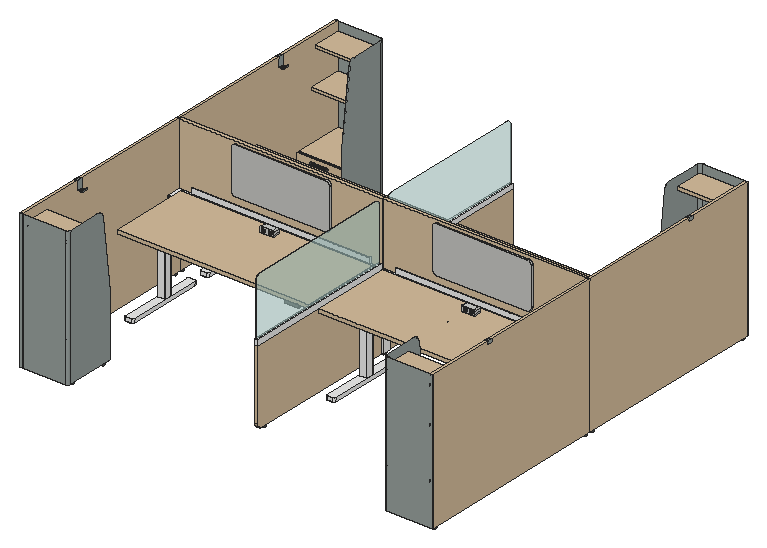
Revit family "Layout-Teknion-Expansion_Cityline_Height_Adjustable_Workstation_09-R2021", category Furniture Systems, Revit 2021 (continued)
Definition of nested family "Desk_Structure-Teknion-JZSBB_EZ_Fence_Beam-R2021"
  Forms (in)
    Sweep 9, void
      profile origin (43.65748, 0.20691, 0) x (1, 0, 0) y (0, 0, 1)
        loop
          arc (-5.19882, 26.97441) -> (-5.28234, 26.93982) -> (-5.31693, 26.8563) r 0.11811
          line (-5.31693, 26.8563) -> (-5.31693, 25.26181)
          arc (-5.31693, 25.26181) -> (-5.28234, 25.17829) -> (-5.19882, 25.1437) r 0.11811
          line (-5.19882, 25.1437) -> (-2.50197, 25.1437)
          arc (-2.50197, 25.1437) -> (-2.41845, 25.17829) -> (-2.38386, 25.26181) r 0.11811
          line (-2.38386, 25.26181) -> (-2.38386, 26.8563)
          arc (-2.38386, 26.8563) -> (-2.41845, 26.93982) -> (-2.50197, 26.97441) r 0.11811
          line (-2.50197, 26.97441) -> (-5.19882, 26.97441)
        loop
          line (5.19882, 26.97441) -> (2.50197, 26.97441)
          arc (2.50197, 26.97441) -> (2.41845, 26.93982) -> (2.38386, 26.8563) r 0.11811
          line (2.38386, 26.8563) -> (2.38386, 25.26181)
          arc (2.38386, 25.26181) -> (2.41845, 25.17829) -> (2.50197, 25.1437) r 0.11811
          line (2.50197, 25.1437) -> (5.19882, 25.1437)
          arc (5.19882, 25.1437) -> (5.28234, 25.17829) -> (5.31693, 25.26181) r 0.11811
          line (5.31693, 25.26181) -> (5.31693, 26.8563)
          arc (5.31693, 26.8563) -> (5.28234, 26.93982) -> (5.19882, 26.97441) r 0.11811
    Sweep 10, void
      path origin (0, 0, 0) x (1, 0, 0) y (0, 1, 0)
        loop
          line (85.73598, -1.69309) -> (85.73598, -1.79309)
      profile origin (85.73598, -1.74309, 0) x (1, 0, 0) y (0, 0, 1)
        loop
          arc (-16.51551, 27.14173) -> (-16.59902, 27.10714) -> (-16.63362, 27.02362) r 0.11811
          line (-16.63362, 27.02362) -> (-16.63362, 25.13386)
          arc (-16.63362, 25.13386) -> (-16.59902, 25.05034) -> (-16.51551, 25.01575) r 0.11811
          line (-16.51551, 25.01575) -> (-13.32653, 25.01575)
          arc (-13.32653, 25.01575) -> (-13.24301, 25.05034) -> (-13.20842, 25.13386) r 0.11811
          line (-13.20842, 25.13386) -> (-13.20842, 27.02362)
          arc (-13.20842, 27.02362) -> (-13.24301, 27.10714) -> (-13.32653, 27.14173) r 0.11811
          line (-13.32653, 27.14173) -> (-16.51551, 27.14173)
    Sweep 11, void
      path origin (0, 0, 0) x (1, 0, 0) y (0, 1, 0)
        loop
          line (85.73598, 2.20691) -> (85.73598, -1.79309)
      profile origin (85.73598, 0.20691, 0) x (1, 0, 0) y (0, 0, 1)
        loop
          arc (-12.41905, 26.97441) -> (-12.50257, 26.93982) -> (-12.53716, 26.8563) r 0.11811
          line (-12.53716, 26.8563) -> (-12.53716, 25.26181)
          arc (-12.53716, 25.26181) -> (-12.50257, 25.17829) -> (-12.41905, 25.1437) r 0.11811
          line (-12.41905, 25.1437) -> (-9.7222, 25.1437)
          arc (-9.7222, 25.1437) -> (-9.63868, 25.17829) -> (-9.60409, 25.26181) r 0.11811
          line (-9.60409, 25.26181) -> (-9.60409, 26.8563)
          arc (-9.60409, 26.8563) -> (-9.63868, 26.93982) -> (-9.7222, 26.97441) r 0.11811
          line (-9.7222, 26.97441) -> (-12.41905, 26.97441)
        loop
          arc (-20.11984, 26.97441) -> (-20.20336, 26.93982) -> (-20.23795, 26.8563) r 0.11811
          line (-20.23795, 26.8563) -> (-20.23795, 25.26181)
          arc (-20.23795, 25.26181) -> (-20.20336, 25.17829) -> (-20.11984, 25.1437) r 0.11811
          line (-20.11984, 25.1437) -> (-17.42299, 25.1437)
          arc (-17.42299, 25.1437) -> (-17.33947, 25.17829) -> (-17.30488, 25.26181) r 0.11811
          line (-17.30488, 25.26181) -> (-17.30488, 26.8563)
          arc (-17.30488, 26.8563) -> (-17.33947, 26.93982) -> (-17.42299, 26.97441) r 0.11811
          line (-17.42299, 26.97441) -> (-20.11984, 26.97441)
    Sweep 12, void
      path origin (87.31496, 0, 0) x (-1, 0, 0) y (0, 1, 0)
        loop
          line (85.73598, -1.70309) -> (85.73598, -1.79309)
      profile origin (1.57898, -1.74809, 0) x (1, 0, 0) y (0, 0, 1)
        loop
          line (16.51551, 27.14173) -> (13.32653, 27.14173)
          arc (13.32653, 27.14173) -> (13.24301, 27.10714) -> (13.20842, 27.02362) r 0.11811
          line (13.20842, 27.02362) -> (13.20842, 25.13386)
          arc (13.20842, 25.13386) -> (13.24301, 25.05034) -> (13.32653, 25.01575) r 0.11811
          line (13.32653, 25.01575) -> (16.51551, 25.01575)
          arc (16.51551, 25.01575) -> (16.59902, 25.05034) -> (16.63362, 25.13386) r 0.11811
          line (16.63362, 25.13386) -> (16.63362, 27.02362)
          arc (16.63362, 27.02362) -> (16.59902, 27.10714) -> (16.51551, 27.14173) r 0.11811
    Sweep 13, void
      path origin (87.31496, 0, 0) x (-1, 0, 0) y (0, 1, 0)
        loop
          line (85.73598, 2.20691) -> (85.73598, -1.79309)
      profile origin (1.57898, 0.20691, 0) x (1, 0, 0) y (0, 0, 1)
        loop
          line (12.41905, 26.97441) -> (9.7222, 26.97441)
          arc (9.7222, 26.97441) -> (9.63868, 26.93982) -> (9.60409, 26.8563) r 0.11811
          line (9.60409, 26.8563) -> (9.60409, 25.26181)
          arc (9.60409, 25.26181) -> (9.63868, 25.17829) -> (9.7222, 25.1437) r 0.11811
          line (9.7222, 25.1437) -> (12.41905, 25.1437)
          arc (12.41905, 25.1437) -> (12.50257, 25.17829) -> (12.53716, 25.26181) r 0.11811
          line (12.53716, 25.26181) -> (12.53716, 26.8563)
          arc (12.53716, 26.8563) -> (12.50257, 26.93982) -> (12.41905, 26.97441) r 0.11811
        loop
          line (20.11984, 26.97441) -> (17.42299, 26.97441)
          arc (17.42299, 26.97441) -> (17.33947, 26.93982) -> (17.30488, 26.8563) r 0.11811
          line (17.30488, 26.8563) -> (17.30488, 25.26181)
          arc (17.30488, 25.26181) -> (17.33947, 25.17829) -> (17.42299, 25.1437) r 0.11811
          line (17.42299, 25.1437) -> (20.11984, 25.1437)
          arc (20.11984, 25.1437) -> (20.20336, 25.17829) -> (20.23795, 25.26181) r 0.11811
          line (20.23795, 25.26181) -> (20.23795, 26.8563)
          arc (20.23795, 26.8563) -> (20.20336, 26.93982) -> (20.11984, 26.97441) r 0.11811
  Cuts and joins
    Sweep 2, Sweep 3, Sweep 8, Sweep 9, Sweep 10, Sweep 11, Sweep 12, Sweep 13 cuts Sweep 1
  Lines and regions (in)
    Masking region 1
      outline origin (0, 0, 0) x (1, 0, 0) y (0, 1, 0)
        loop
          line (1.57898, 1.69291) -> (1.57898, -1.69291) -> (85.73598, -1.69291) -> (85.73598, 1.69291) -> (1.57898, 1.69291)
    symbolic lines, visible <- "EZ Add-On Screen"
      curve 1: line (9.96457, 0.7874, 0) -> (5.04331, 0.7874, 0)
      curve 2: line (5.04331, 0.7874, 0) -> (5.04331, -0.7874, 0)
      curve 3: line (5.04331, -0.7874, 0) -> (9.96457, -0.7874, 0)
      curve 4: line (9.96457, -0.7874, 0) -> (9.96457, 0.7874, 0)
      curve 5: line (41.19685, 0.7874, 0) -> (41.19685, -0.7874, 0)
      curve 6: line (46.11811, 0.7874, 0) -> (41.19685, 0.7874, 0)
      curve 7: line (41.19685, -0.7874, 0) -> (46.11811, -0.7874, 0)
      curve 8: line (46.11811, -0.7874, 0) -> (46.11811, 0.7874, 0)
      curve 9: line (77.35039, 0.7874, 0) -> (77.35039, -0.7874, 0)
      curve 10: line (82.27165, 0.7874, 0) -> (77.35039, 0.7874, 0)
      curve 11: line (77.35039, -0.7874, 0) -> (82.27165, -0.7874, 0)
      curve 12: line (82.27165, -0.7874, 0) -> (82.27165, 0.7874, 0)
    symbolic lines, visible <- "Lift & Drop Tile"
      curve 13: line (85.73598, 0.27559, 0) -> (1.57898, 0.27559, 0)
      curve 14: line (1.57898, -0.27559, 0) -> (85.73598, -0.27559, 0)
      curve 15: line (1.57898, -0.27559, 0) -> (1.57898, 0.27559, 0)
      curve 16: line (85.73598, 0.27559, 0) -> (85.73598, -0.27559, 0)
    symbolic lines, detail levels medium+fine
      curve 17: line (6.02756, 1.51575, 0) -> (3.17323, 1.51575, 0)
      curve 18: line (3.17323, 1.51575, 0) -> (2.35345, 0.69597, 0)
      curve 19: arc (2.35345, -0.69597, 0) -> (2.64183, 0, 0) -> (2.35345, 0.69597, 0) r 0.98402
      curve 20: line (2.35345, -0.69597, 0) -> (3.17323, -1.51575, 0)
      curve 21: line (3.17323, -1.51575, 0) -> (6.02756, -1.51575, 0)
      curve 22: line (6.02756, -1.51575, 0) -> (6.02756, 1.51575, 0)
      curve 23: line (81.2874, 1.51575, 0) -> (81.2874, -1.51575, 0)
      curve 24: line (84.14173, 1.51575, 0) -> (81.2874, 1.51575, 0)
      curve 25: line (84.96151, 0.69597, 0) -> (84.14173, 1.51575, 0)
      curve 26: arc (84.96151, 0.69597, 0) -> (84.67313, 0, 0) -> (84.96151, -0.69597, 0) r 0.98402
      curve 27: line (84.14173, -1.51575, 0) -> (84.96151, -0.69597, 0)
      curve 28: line (81.2874, -1.51575, 0) -> (84.14173, -1.51575, 0)
      curve 29: line (1.57898, 1.51575, 0) -> (85.73598, 1.51575, 0)
      curve 30: line (1.57898, 1.26575, 0) -> (85.73598, 1.26575, 0)
      curve 31: line (85.73598, -1.51575, 0) -> (1.57898, -1.51575, 0)
      curve 32: line (85.73598, -1.26575, 0) -> (1.57898, -1.26575, 0)
    symbolic lines, detail levels fine
      curve 33: line (85.73598, -1.51575, 0) -> (1.57898, -1.51575, 0)
      curve 34: line (1.57898, 1.51575, 0) -> (85.73598, 1.51575, 0)
      curve 35: line (85.73598, -1.51575, 0) -> (1.57898, -1.51575, 0)
    symbolic lines, visible <- "2D Right Power one sided opening", detail levels medium+fine
      curve 36: line (65.49803, -1.69291, 0) -> (65.49803, -1.51575, 0)
      curve 37: line (68.4311, -1.69291, 0) -> (68.4311, -1.51575, 0)
      curve 38: line (73.19882, -1.69291, 0) -> (73.19882, -1.51575, 0)
      curve 39: line (76.13189, -1.69291, 0) -> (76.13189, -1.51575, 0)
    symbolic lines, visible <- "2D Right Power two sided opening", detail levels medium+fine
      curve 40: line (65.49803, 1.69291, 0) -> (65.49803, 1.51575, 0)
      curve 41: line (68.4311, 1.69291, 0) -> (68.4311, 1.51575, 0)
      curve 42: line (73.19882, 1.69291, 0) -> (73.19882, 1.51575, 0)
      curve 43: line (76.13189, 1.69291, 0) -> (76.13189, 1.51575, 0)
    symbolic lines, visible <- "2D Left Power one sided opening", detail levels medium+fine
      curve 44: line (11.18307, -1.69291, 0) -> (11.18307, -1.51575, 0)
      curve 45: line (14.11614, -1.69291, 0) -> (14.11614, -1.51575, 0)
      curve 46: line (18.88386, -1.69291, 0) -> (18.88386, -1.51575, 0)
      curve 47: line (21.81693, -1.69291, 0) -> (21.81693, -1.51575, 0)
    symbolic lines, visible <- "2D Left Power two sided opening", detail levels medium+fine
      curve 48: line (21.81693, 1.69291, 0) -> (21.81693, 1.51575, 0)
      curve 49: line (18.88386, 1.69291, 0) -> (18.88386, 1.51575, 0)
      curve 50: line (14.11614, 1.69291, 0) -> (14.11614, 1.51575, 0)
      curve 51: line (11.18307, 1.69291, 0) -> (11.18307, 1.51575, 0)
    symbolic lines, visible <- "2D Center Power one sided opening", detail levels medium+fine
      curve 52: line (41.27362, -1.69291, 0) -> (41.27362, -1.51575, 0)
      curve 57: line (46.04134, -1.69291, 0) -> (46.04134, -1.51575, 0)
      curve 58: line (48.97441, -1.69291, 0) -> (48.97441, -1.51575, 0)
      curve 59: line (38.34055, -1.69291, 0) -> (38.34055, -1.51575, 0)
    symbolic lines, visible <- "2D Center Power two sided opening", detail levels medium+fine
      curve 53: line (38.34055, 1.69291, 0) -> (38.34055, 1.51575, 0)
      curve 54: line (41.27362, 1.69291, 0) -> (41.27362, 1.51575, 0)
      curve 55: line (46.04134, 1.69291, 0) -> (46.04134, 1.51575, 0)
      curve 56: line (48.97441, 1.69291, 0) -> (48.97441, 1.51575, 0)
    symbolic lines, visible <- "2D Right Data two sided opening", detail levels medium+fine
      curve 60: line (69.10236, 1.69291, 0) -> (69.10236, 1.51575, 0)
      curve 63: line (72.52756, 1.69291, 0) -> (72.52756, 1.51575, 0)
    symbolic lines, visible <- "2D Right Data one sided opening", detail levels medium+fine
      curve 61: line (69.10236, -1.69291, 0) -> (69.10236, -1.51575, 0)
      curve 62: line (72.52756, -1.69291, 0) -> (72.52756, -1.51575, 0)
    symbolic lines, visible <- "2D Left Data one sided opening", detail levels medium+fine
      curve 64: line (14.7874, -1.69291, 0) -> (14.7874, -1.51575, 0)
      curve 65: line (18.2126, -1.69291, 0) -> (18.2126, -1.51575, 0)
    symbolic lines, visible <- "2D Left Data two sided opening", detail levels medium+fine
      curve 66: line (18.2126, 1.69291, 0) -> (18.2126, 1.51575, 0)
      curve 67: line (14.7874, 1.69291, 0) -> (14.7874, 1.51575, 0)
    symbolic lines, visible <- "2D Center Data two sided opening", detail levels medium+fine
      curve 68: line (41.94488, 1.69291, 0) -> (41.94488, 1.51575, 0)
      curve 69: line (45.37008, 1.69291, 0) -> (45.37008, 1.51575, 0)
    symbolic lines, visible <- "2D Center Data one sided opening", detail levels medium+fine
      curve 70: line (41.94488, -1.69291, 0) -> (41.94488, -1.51575, 0)
      curve 71: line (45.37008, -1.69291, 0) -> (45.37008, -1.51575, 0)
    reference lines
      curve 72: line (1.57898, 1.69291, 0) -> (85.73622, 1.69291, 0)
      curve 73: line (1.57898, -1.69291, 0) -> (1.57898, 1.69291, 0)
      curve 74: line (85.73622, -1.69291, 0) -> (1.57898, -1.69291, 0)
      curve 75: line (85.73622, 1.69291, 0) -> (85.73622, -1.69291, 0)
  Dimensions and locks (in)
    "Actual Width": plane 4 "Left" to plane 5 "Right"
    plane 6 "Back" to plane 7 "Front" = 3.38583"
    plane 8 "Top" to level = 28.18504"
    equal spacing: plane 6 "Back", plane 1 "Center Front/Back", plane 7 "Front"
    equal spacing: plane 4 "Left", plane 3 "Center Left/Right", plane 5 "Right"
    Sweep 1 sketch curve to Sweep 1 sketch curve to Sweep 1 sketch curve to Sweep 1 sketch curve to Sweep 1 sketch curve = 0.17717" locked, 0.250" locked, 2.5315" locked, 0.250" locked
    Sweep 1 sketch curve to Sweep 1 sketch curve to Sweep 1 sketch curve to Sweep 1 sketch curve to Sweep 1 sketch curve to Sweep 1 sketch curve = 0.000" locked, 4.05906" locked, 0.000" locked, 0.25591" locked, 0.55118" locked
    "Lift & Drop Tile Cut-Out": Sweep 2 sketch curve to Sweep 2 sketch curve
    locked: Sweep 2 sketch curve to Sweep 2 sketch curve at 0.3937
    Sweep 2 sketch curve to plane 1 "Center Front/Back" to Sweep 2 sketch curve = 0.27559" locked, 0.27559" locked
    locked: Sweep 2 sketch curve to plane 4 "Left" at 0.84276
    "Screen Cut-Out": Sweep 3 sketch curve to Sweep 3 sketch curve
    locked: Sweep 3 sketch curve to plane 8 "Top" at 0.50787
    plane 4 "Left" to Sweep 3 sketch curve to Sweep 3 sketch curve = 3.46433" locked, 4.92126" locked
    Sweep 3 sketch curve to plane 1 "Center Front/Back" to Sweep 3 sketch curve = 0.7874" locked, 0.7874" locked  (x3)
    Sweep 3 sketch curve to plane 3 "Center Left/Right" to Sweep 3 sketch curve = 2.46063" locked, 2.46063" locked
    Sweep 3 sketch curve to Sweep 3 sketch curve to plane 5 "Right" = 4.92126" locked, 3.46433" locked
    plane 8 "Top" to Sweep 4 sketch curve to Sweep 4 sketch curve = 0.80709" locked, 0.11811" locked
    locked: Sweep 4 sketch curve to plane 4 "Left" at 4.44858
    locked: plane 4 "Left" to Sweep 4 sketch curve at 4.44858
    plane 6 "Back" to Sweep 4 sketch curve to Sweep 4 sketch curve to Sweep 4 sketch curve to Sweep 4 sketch curve = 0.17717" locked, 0.81978" locked, 1.39194" locked, 0.81978" locked
    locked: Sweep 5 sketch curve to Sweep 5 sketch curve at 0.11811
    Sweep 5 sketch curve to Sweep 5 sketch curve to Sweep 5 sketch curve to Sweep 5 sketch curve = 0.81978" locked, 1.39194" locked, 0.81978" locked
    locked: plane 8 "Top" to Sweep 5 sketch curve at 4.27953
    locked: Sweep 5 sketch curve to plane 4 "Left" at 4.44858
    locked: plane 6 "Back" to Sweep 5 sketch curve at 0.17717
    locked: plane 4 "Left" to Sweep 5 sketch curve at 4.44858
    locked: Sweep 6 sketch curve to Sweep 6 sketch curve at 0.11811
    Sweep 6 sketch curve to Sweep 6 sketch curve to Sweep 6 sketch curve to Sweep 6 sketch curve = 0.81978" locked, 1.39194" locked, 0.81978" locked
    locked: Sweep 7 sketch curve to Sweep 7 sketch curve at 0.11811
    Sweep 7 sketch curve to Sweep 7 sketch curve to Sweep 7 sketch curve to Sweep 7 sketch curve = 0.81978" locked, 1.39194" locked, 0.81978" locked
    locked: plane 8 "Top" to Sweep 6 sketch curve at 0.80709
    locked: Sweep 6 sketch curve to plane 5 "Right" at 4.44858  (x2)
    locked: plane 6 "Back" to Sweep 6 sketch curve at 0.17717
    locked: plane 8 "Top" to Sweep 7 sketch curve at 4.27953
    locked: Sweep 7 sketch curve to plane 5 "Right" at 4.44858  (x2)
    locked: plane 6 "Back" to Sweep 7 sketch curve at 0.17717
    "Center Data Opening Cut Out": Sweep 8 sketch curve to Sweep 8 sketch curve
    locked: Sweep 8 sketch curve to plane 7 "Front" at 0.09022
    Sweep 8 sketch curve to plane 3 "Center Left/Right" to Sweep 8 sketch curve = 1.7126" locked, 1.7126" locked
    plane 8 "Top" to Sweep 8 sketch curve to Sweep 8 sketch curve = 1.04331" locked, 2.12598" locked
    "Center Power Opening Cut Out": Sweep 9 sketch curve to Sweep 9 sketch curve
    Sweep 9 sketch curve to plane 7 "Front" = 0.10017"
    Sweep 9 sketch curve to Sweep 9 sketch curve to plane 3 "Center Left/Right" to Sweep 9 sketch curve to Sweep 9 sketch curve = 2.93307" locked, 2.38386" locked, 2.38386" locked, 2.93307" locked
    plane 8 "Top" to Sweep 9 sketch curve to Sweep 9 sketch curve to Sweep 9 sketch curve to Sweep 9 sketch curve = 1.21063" locked, 0.000" locked, 1.83071" locked, 0.000" locked
    locked: Sweep 10 sketch curve to plane 7 "Front" at 0.10017
    "Right Data Opening Cut out": Sweep 10 sketch curve to Sweep 10 sketch curve
    Sweep 10 sketch curve to Sweep 10 sketch curve to plane 5 "Right" = 3.4252" locked, 13.20842" locked
    plane 8 "Top" to Sweep 10 sketch curve to Sweep 10 sketch curve = 1.04331" locked, 2.12598" locked
    "Right Power Opening Cut out": Sweep 11 sketch curve to Sweep 11 sketch curve
    locked: Sweep 11 sketch curve to plane 7 "Front" at 0.10017
    plane 5 "Right" to Sweep 11 sketch curve to Sweep 11 sketch curve to Sweep 11 sketch curve to Sweep 11 sketch curve = 9.60409" locked, 2.93307" locked, 4.76772" locked, 2.93307" locked
    plane 8 "Top" to Sweep 11 sketch curve to Sweep 11 sketch curve to Sweep 11 sketch curve to Sweep 11 sketch curve = 1.21063" locked, 0.000" locked, 1.83071" locked, 0.000" locked
    "Left Data Opening Cut out": Sweep 12 sketch curve to Sweep 12 sketch curve
    locked: Sweep 12 sketch curve to Sweep 12 sketch curve at 3.4252
    locked: Sweep 12 sketch curve to Sweep 12 sketch curve at 2.12598
    "Left Power Opening Cut Out": Sweep 13 sketch curve to Sweep 13 sketch curve
    Sweep 13 sketch curve to Sweep 13 sketch curve to Sweep 13 sketch curve to Sweep 13 sketch curve = 2.93307" locked, 4.76772" locked, 2.93307" locked
    Sweep 13 sketch curve to Sweep 13 sketch curve to Sweep 13 sketch curve to Sweep 13 sketch curve = 0.000" locked, 1.83071" locked, 0.000" locked
    locked: plane 8 "Top" to Sweep 12 sketch curve at 1.04331
    locked: Sweep 12 sketch curve to plane 4 "Left" at 13.20842
    locked: plane 8 "Top" to Sweep 13 sketch curve at 1.21063
    locked: Sweep 13 sketch curve to plane 4 "Left" at 9.60409
    locked: nested 6 to plane 5 "Right" at 14.92
    locked: plane 4 "Left" to nested 7 at 14.92
    locked: nested 2 to plane 5 "Right" at 0.078
    locked: plane 4 "Left" to nested 1 at 0.078
    aligned and locked: level to plane 2
    aligned and locked: Sweep 1 sketch curve to plane 1 "Center Front/Back"
    aligned and locked: plane 4 "Left" to Sweep 1 sketch curve
    aligned and locked: plane 5 "Right" to Sweep 1 sketch curve
    aligned and locked: Sweep 1 sketch curve to plane 8 "Top"
    aligned and locked: Sweep 1 sketch curve to plane 6 "Back"
    aligned and locked: Sweep 1 sketch curve to plane 7 "Front"
    aligned and locked: Sweep 2 sketch curve to plane 1 "Center Front/Back"
    aligned and locked: plane 8 "Top" to Sweep 2 sketch curve
    aligned and locked: plane 3 "Center Left/Right" to Sweep 3 sketch curve
    aligned and locked: plane 3 "Center Left/Right" to Sweep 8 sketch curve
    aligned and locked: Sweep 9 sketch curve to plane 3 "Center Left/Right"
    aligned and locked: plane 5 "Right" to Sweep 10 sketch curve
    aligned and locked: Sweep 11 sketch curve to plane 5 "Right"
    aligned and locked: Masking region 1 sketch curve to cut or joined group of Sweep 1, Sweep 2, Sweep 3, Sweep 8, Sweep 9, Sweep 10, Sweep 11, Sweep 12, Sweep 13  (x2)
    aligned and locked: Masking region 1 sketch curve to plane 4 "Left"
    aligned and locked: Masking region 1 sketch curve to plane 5 "Right"
    aligned and locked: curve 1 to Sweep 3
    aligned and locked: curve 2 to Sweep 3
    aligned and locked: curve 3 to Sweep 3
    aligned and locked: curve 4 to Sweep 3
    aligned and locked: curve 5 to Sweep 3
    aligned and locked: curve 6 to Sweep 3
    aligned and locked: curve 7 to Sweep 3
    aligned and locked: curve 8 to Sweep 3
    aligned and locked: curve 9 to Sweep 3
    aligned and locked: curve 10 to Sweep 3
    aligned and locked: curve 11 to Sweep 3
    aligned and locked: curve 12 to Sweep 3
    aligned and locked: cut or joined group of Sweep 1, Sweep 2, Sweep 3, Sweep 8, Sweep 9, Sweep 10, Sweep 11, Sweep 12, Sweep 13 to curve 13
    aligned and locked: cut or joined group of Sweep 1, Sweep 2, Sweep 3, Sweep 8, Sweep 9, Sweep 10, Sweep 11, Sweep 12, Sweep 13 to curve 14
    aligned and locked: curve 15 to cut or joined group of Sweep 1, Sweep 2, Sweep 3, Sweep 8, Sweep 9, Sweep 10, Sweep 11, Sweep 12, Sweep 13
    aligned and locked: cut or joined group of Sweep 1, Sweep 2, Sweep 3, Sweep 8, Sweep 9, Sweep 10, Sweep 11, Sweep 12, Sweep 13 to curve 16
    aligned and locked: curve 17 to Sweep 4
    aligned and locked: curve 18 to Sweep 4
    aligned and locked: curve 19 to Sweep 4
    aligned and locked: curve 20 to Sweep 4
    aligned and locked: curve 21 to Sweep 4
    aligned and locked: curve 22 to Sweep 4
    aligned and locked: curve 23 to Sweep 6
    aligned and locked: curve 24 to Sweep 6
    aligned and locked: curve 25 to Sweep 6
    aligned and locked: curve 26 to Sweep 6
    aligned and locked: curve 27 to Sweep 6
    aligned and locked: curve 28 to Sweep 6
    aligned and locked: curve 29 to cut or joined group of Sweep 1, Sweep 2, Sweep 3, Sweep 8, Sweep 9, Sweep 10, Sweep 11, Sweep 12, Sweep 13
    aligned and locked: curve 30 to cut or joined group of Sweep 1, Sweep 2, Sweep 3, Sweep 8, Sweep 9, Sweep 10, Sweep 11, Sweep 12, Sweep 13
    aligned and locked: curve 31 to cut or joined group of Sweep 1, Sweep 2, Sweep 3, Sweep 8, Sweep 9, Sweep 10, Sweep 11, Sweep 12, Sweep 13
    aligned and locked: curve 32 to cut or joined group of Sweep 1, Sweep 2, Sweep 3, Sweep 8, Sweep 9, Sweep 10, Sweep 11, Sweep 12, Sweep 13
    aligned and locked: curve 33 to cut or joined group of Sweep 1, Sweep 2, Sweep 3, Sweep 8, Sweep 9, Sweep 10, Sweep 11, Sweep 12, Sweep 13
    aligned and locked: curve 34 to cut or joined group of Sweep 1, Sweep 2, Sweep 3, Sweep 8, Sweep 9, Sweep 10, Sweep 11, Sweep 12, Sweep 13
    aligned and locked: curve 36 to cut or joined group of Sweep 1, Sweep 2, Sweep 3, Sweep 8, Sweep 9, Sweep 10, Sweep 11, Sweep 12, Sweep 13
    aligned and locked: cut or joined group of Sweep 1, Sweep 2, Sweep 3, Sweep 8, Sweep 9, Sweep 10, Sweep 11, Sweep 12, Sweep 13 to curve 37
    aligned and locked: curve 38 to cut or joined group of Sweep 1, Sweep 2, Sweep 3, Sweep 8, Sweep 9, Sweep 10, Sweep 11, Sweep 12, Sweep 13  (x2)
    aligned and locked: cut or joined group of Sweep 1, Sweep 2, Sweep 3, Sweep 8, Sweep 9, Sweep 10, Sweep 11, Sweep 12, Sweep 13 to curve 39  (x2)
    aligned and locked: cut or joined group of Sweep 1, Sweep 2, Sweep 3, Sweep 8, Sweep 9, Sweep 10, Sweep 11, Sweep 12, Sweep 13 to curve 40
    aligned and locked: curve 40 to cut or joined group of Sweep 1, Sweep 2, Sweep 3, Sweep 8, Sweep 9, Sweep 10, Sweep 11, Sweep 12, Sweep 13
    aligned and locked: cut or joined group of Sweep 1, Sweep 2, Sweep 3, Sweep 8, Sweep 9, Sweep 10, Sweep 11, Sweep 12, Sweep 13 to curve 41
    aligned and locked: curve 41 to cut or joined group of Sweep 1, Sweep 2, Sweep 3, Sweep 8, Sweep 9, Sweep 10, Sweep 11, Sweep 12, Sweep 13
    aligned and locked: cut or joined group of Sweep 1, Sweep 2, Sweep 3, Sweep 8, Sweep 9, Sweep 10, Sweep 11, Sweep 12, Sweep 13 to curve 42
    aligned and locked: curve 42 to cut or joined group of Sweep 1, Sweep 2, Sweep 3, Sweep 8, Sweep 9, Sweep 10, Sweep 11, Sweep 12, Sweep 13
    aligned and locked: cut or joined group of Sweep 1, Sweep 2, Sweep 3, Sweep 8, Sweep 9, Sweep 10, Sweep 11, Sweep 12, Sweep 13 to curve 43
    aligned and locked: curve 43 to cut or joined group of Sweep 1, Sweep 2, Sweep 3, Sweep 8, Sweep 9, Sweep 10, Sweep 11, Sweep 12, Sweep 13
    aligned and locked: cut or joined group of Sweep 1, Sweep 2, Sweep 3, Sweep 8, Sweep 9, Sweep 10, Sweep 11, Sweep 12, Sweep 13 to curve 44
    aligned and locked: curve 44 to cut or joined group of Sweep 1, Sweep 2, Sweep 3, Sweep 8, Sweep 9, Sweep 10, Sweep 11, Sweep 12, Sweep 13
    aligned and locked: cut or joined group of Sweep 1, Sweep 2, Sweep 3, Sweep 8, Sweep 9, Sweep 10, Sweep 11, Sweep 12, Sweep 13 to curve 45  (x2)
    aligned and locked: cut or joined group of Sweep 1, Sweep 2, Sweep 3, Sweep 8, Sweep 9, Sweep 10, Sweep 11, Sweep 12, Sweep 13 to curve 46
    aligned and locked: curve 46 to cut or joined group of Sweep 1, Sweep 2, Sweep 3, Sweep 8, Sweep 9, Sweep 10, Sweep 11, Sweep 12, Sweep 13
    aligned and locked: cut or joined group of Sweep 1, Sweep 2, Sweep 3, Sweep 8, Sweep 9, Sweep 10, Sweep 11, Sweep 12, Sweep 13 to curve 47  (x2)
    aligned and locked: curve 48 to cut or joined group of Sweep 1, Sweep 2, Sweep 3, Sweep 8, Sweep 9, Sweep 10, Sweep 11, Sweep 12, Sweep 13  (x2)
    aligned and locked: cut or joined group of Sweep 1, Sweep 2, Sweep 3, Sweep 8, Sweep 9, Sweep 10, Sweep 11, Sweep 12, Sweep 13 to curve 49
    aligned and locked: curve 49 to cut or joined group of Sweep 1, Sweep 2, Sweep 3, Sweep 8, Sweep 9, Sweep 10, Sweep 11, Sweep 12, Sweep 13
    aligned and locked: curve 50 to cut or joined group of Sweep 1, Sweep 2, Sweep 3, Sweep 8, Sweep 9, Sweep 10, Sweep 11, Sweep 12, Sweep 13  (x2)
    aligned and locked: cut or joined group of Sweep 1, Sweep 2, Sweep 3, Sweep 8, Sweep 9, Sweep 10, Sweep 11, Sweep 12, Sweep 13 to curve 51
    aligned and locked: curve 51 to cut or joined group of Sweep 1, Sweep 2, Sweep 3, Sweep 8, Sweep 9, Sweep 10, Sweep 11, Sweep 12, Sweep 13
    aligned and locked: cut or joined group of Sweep 1, Sweep 2, Sweep 3, Sweep 8, Sweep 9, Sweep 10, Sweep 11, Sweep 12, Sweep 13 to curve 52  (x2)
    aligned and locked: cut or joined group of Sweep 1, Sweep 2, Sweep 3, Sweep 8, Sweep 9, Sweep 10, Sweep 11, Sweep 12, Sweep 13 to curve 53
    aligned and locked: curve 53 to cut or joined group of Sweep 1, Sweep 2, Sweep 3, Sweep 8, Sweep 9, Sweep 10, Sweep 11, Sweep 12, Sweep 13
    aligned and locked: cut or joined group of Sweep 1, Sweep 2, Sweep 3, Sweep 8, Sweep 9, Sweep 10, Sweep 11, Sweep 12, Sweep 13 to curve 54
    aligned and locked: curve 54 to cut or joined group of Sweep 1, Sweep 2, Sweep 3, Sweep 8, Sweep 9, Sweep 10, Sweep 11, Sweep 12, Sweep 13
    aligned and locked: cut or joined group of Sweep 1, Sweep 2, Sweep 3, Sweep 8, Sweep 9, Sweep 10, Sweep 11, Sweep 12, Sweep 13 to curve 55
    aligned and locked: curve 55 to cut or joined group of Sweep 1, Sweep 2, Sweep 3, Sweep 8, Sweep 9, Sweep 10, Sweep 11, Sweep 12, Sweep 13
    aligned and locked: curve 56 to cut or joined group of Sweep 1, Sweep 2, Sweep 3, Sweep 8, Sweep 9, Sweep 10, Sweep 11, Sweep 12, Sweep 13  (x2)
    aligned and locked: curve 57 to cut or joined group of Sweep 1, Sweep 2, Sweep 3, Sweep 8, Sweep 9, Sweep 10, Sweep 11, Sweep 12, Sweep 13  (x2)
    aligned and locked: cut or joined group of Sweep 1, Sweep 2, Sweep 3, Sweep 8, Sweep 9, Sweep 10, Sweep 11, Sweep 12, Sweep 13 to curve 58  (x2)
    aligned and locked: curve 59 to cut or joined group of Sweep 1, Sweep 2, Sweep 3, Sweep 8, Sweep 9, Sweep 10, Sweep 11, Sweep 12, Sweep 13  (x2)
    aligned and locked: cut or joined group of Sweep 1, Sweep 2, Sweep 3, Sweep 8, Sweep 9, Sweep 10, Sweep 11, Sweep 12, Sweep 13 to curve 60
    aligned and locked: curve 60 to cut or joined group of Sweep 1, Sweep 2, Sweep 3, Sweep 8, Sweep 9, Sweep 10, Sweep 11, Sweep 12, Sweep 13
    aligned and locked: curve 61 to cut or joined group of Sweep 1, Sweep 2, Sweep 3, Sweep 8, Sweep 9, Sweep 10, Sweep 11, Sweep 12, Sweep 13
    aligned and locked: cut or joined group of Sweep 1, Sweep 2, Sweep 3, Sweep 8, Sweep 9, Sweep 10, Sweep 11, Sweep 12, Sweep 13 to curve 61
    aligned and locked: cut or joined group of Sweep 1, Sweep 2, Sweep 3, Sweep 8, Sweep 9, Sweep 10, Sweep 11, Sweep 12, Sweep 13 to curve 62  (x2)
    aligned and locked: cut or joined group of Sweep 1, Sweep 2, Sweep 3, Sweep 8, Sweep 9, Sweep 10, Sweep 11, Sweep 12, Sweep 13 to curve 63
    aligned and locked: curve 63 to cut or joined group of Sweep 1, Sweep 2, Sweep 3, Sweep 8, Sweep 9, Sweep 10, Sweep 11, Sweep 12, Sweep 13
    aligned and locked: cut or joined group of Sweep 1, Sweep 2, Sweep 3, Sweep 8, Sweep 9, Sweep 10, Sweep 11, Sweep 12, Sweep 13 to curve 64  (x2)
    aligned and locked: cut or joined group of Sweep 1, Sweep 2, Sweep 3, Sweep 8, Sweep 9, Sweep 10, Sweep 11, Sweep 12, Sweep 13 to curve 65  (x2)
    aligned and locked: curve 66 to cut or joined group of Sweep 1, Sweep 2, Sweep 3, Sweep 8, Sweep 9, Sweep 10, Sweep 11, Sweep 12, Sweep 13  (x2)
    aligned and locked: cut or joined group of Sweep 1, Sweep 2, Sweep 3, Sweep 8, Sweep 9, Sweep 10, Sweep 11, Sweep 12, Sweep 13 to curve 67
    aligned and locked: curve 67 to cut or joined group of Sweep 1, Sweep 2, Sweep 3, Sweep 8, Sweep 9, Sweep 10, Sweep 11, Sweep 12, Sweep 13
    aligned and locked: cut or joined group of Sweep 1, Sweep 2, Sweep 3, Sweep 8, Sweep 9, Sweep 10, Sweep 11, Sweep 12, Sweep 13 to curve 68
    aligned and locked: curve 68 to cut or joined group of Sweep 1, Sweep 2, Sweep 3, Sweep 8, Sweep 9, Sweep 10, Sweep 11, Sweep 12, Sweep 13
    aligned and locked: cut or joined group of Sweep 1, Sweep 2, Sweep 3, Sweep 8, Sweep 9, Sweep 10, Sweep 11, Sweep 12, Sweep 13 to curve 69
    aligned and locked: curve 69 to cut or joined group of Sweep 1, Sweep 2, Sweep 3, Sweep 8, Sweep 9, Sweep 10, Sweep 11, Sweep 12, Sweep 13
    aligned and locked: curve 70 to cut or joined group of Sweep 1, Sweep 2, Sweep 3, Sweep 8, Sweep 9, Sweep 10, Sweep 11, Sweep 12, Sweep 13
    aligned and locked: cut or joined group of Sweep 1, Sweep 2, Sweep 3, Sweep 8, Sweep 9, Sweep 10, Sweep 11, Sweep 12, Sweep 13 to curve 70
    aligned and locked: cut or joined group of Sweep 1, Sweep 2, Sweep 3, Sweep 8, Sweep 9, Sweep 10, Sweep 11, Sweep 12, Sweep 13 to curve 71  (x2)
    aligned and locked: curve 72 to cut or joined group of Sweep 1, Sweep 2, Sweep 3, Sweep 8, Sweep 9, Sweep 10, Sweep 11, Sweep 12, Sweep 13
    aligned and locked: curve 73 to plane 4 "Left"
    aligned and locked: curve 74 to plane 7 "Front"
    aligned and locked: plane 1 "Center Front/Back" to nested 2
    aligned and locked: nested 1 to plane 1 "Center Front/Back"
    aligned and locked: plane 1 "Center Front/Back" to nested 3
    aligned and locked: nested 3 to plane 3 "Center Left/Right"
    aligned and locked: plane 3 "Center Left/Right" to nested 5
    aligned and locked: nested 5 to plane 6 "Back"
    aligned and locked: plane 7 "Front" to nested 4
    aligned and locked: nested 4 to plane 3 "Center Left/Right"
    aligned and locked: plane 1 "Center Front/Back" to nested 6
    aligned and locked: plane 1 "Center Front/Back" to nested 7
  Automatic sketch dimensions
    plane 1 "Center Front/Back" to Sweep 4 sketch curve = 0.000"
    Sweep 4 sketch curve to profile plane = 2.85433"  (x2)
    Sweep 4 sketch curve to Sweep 4 sketch curve = 0.81978"
    Sweep 4 sketch curve to Sweep 4 sketch curve = 0.69565"
    plane 1 "Center Front/Back" to Sweep 5 sketch curve = 0.000"
    Sweep 5 sketch curve to profile plane = 2.85433"  (x2)
    Sweep 5 sketch curve to Sweep 5 sketch curve = 0.81978"
    Sweep 5 sketch curve to Sweep 5 sketch curve = 0.69565"
    plane 1 "Center Front/Back" to Sweep 6 sketch curve = 0.000"
    Sweep 6 sketch curve to Sweep 6 sketch curve = 2.85433"  (x2)
    Sweep 6 sketch curve to Sweep 6 sketch curve = 0.81978"
    Sweep 6 sketch curve to Sweep 6 sketch curve = 0.69565"
    plane 1 "Center Front/Back" to Sweep 7 sketch curve = 0.000"
    Sweep 7 sketch curve to Sweep 7 sketch curve = 2.85433"  (x2)
    Sweep 7 sketch curve to Sweep 7 sketch curve = 0.81978"
    Sweep 7 sketch curve to Sweep 7 sketch curve = 0.69565"
    Sweep 8 sketch curve to Sweep 8 sketch curve = 0.11811"  (x4)
    Sweep 9 sketch curve to Sweep 9 sketch curve = 0.11811"  (x8)
    Sweep 10 sketch curve to Sweep 10 sketch curve = 0.11811"  (x4)
    Sweep 11 sketch curve to Sweep 11 sketch curve = 0.11811"  (x8)
    Sweep 12 sketch curve to Sweep 12 sketch curve = 0.11811"  (x4)
    Sweep 13 sketch curve to Sweep 13 sketch curve = 0.11811"  (x8)
    curve 30 to plane 4 "Left" = 0.000"
    curve 29 to plane 4 "Left" = 0.000"
    curve 31 to plane 4 "Left" = 0.000"
    curve 32 to plane 4 "Left" = 0.000"
    curve 35 to plane 4 "Left" = 0.000"
    curve 34 to plane 4 "Left" = 0.000"
    curve 33 to plane 4 "Left" = 0.000"
    curve 35 to plane 5 "Right" = 0.000"
    curve 29 to plane 5 "Right" = 0.000"
    curve 30 to plane 5 "Right" = 0.000"
    curve 31 to plane 5 "Right" = 0.000"
    curve 32 to plane 5 "Right" = 0.000"
    curve 33 to plane 5 "Right" = 0.000"
    curve 34 to plane 5 "Right" = 0.000"
    plane 7 "Front" to curve 36 = 0.000"
    plane 7 "Front" to curve 37 = 0.000"
    curve 35 to curve 31 = 0.000"
    curve 75 to plane 6 "Back" = 0.000"
    curve 74 to plane 5 "Right" = 0.00024"
    Sweep 12 sketch curve to plane 4 "Left" = 0.000"
    Sweep 12 sketch curve to plane 7 "Front" = 0.10017"
    Sweep 13 sketch curve to plane 4 "Left" = 0.000"
    Sweep 13 sketch curve to plane 7 "Front" = 0.10017"
  Nested families (in)
    nested 1: "Teknion_2D_Node_Family-R2020" at (1.65698, 0, 0), type "Teknion_2D_Node_Family-R2020"
    nested 2: "Teknion_2D_Node_Family-R2020" at (85.65798, 0, 0), type "Teknion_2D_Node_Family-R2020"
    nested 3: "Teknion_2D_Node_Family-R2020" at (43.65748, 0, 0), type "Teknion_2D_Node_Family-R2020"
    nested 4: "Teknion_2D_Node_Family-R2020" at (43.65748, -1.69291, 0), type "Teknion_2D_Node_Family-R2020"
    nested 5: "Teknion_2D_Node_Family-R2020" at (43.65748, 1.69291, 0), type "Teknion_2D_Node_Family-R2020"
    nested 6: "Teknion_2D_Node_Family-R2020" at (70.81598, 0, 0), type "Teknion_2D_Node_Family-R2020"
    nested 7: "Teknion_2D_Node_Family-R2020" at (16.49898, 0, 0), type "Teknion_2D_Node_Family-R2020"
  Definition of nested family "Teknion_2D_Node_Family-R2020"
    Reference planes (in)
      plane 1 "Center (Front/Back)": y = 0
      plane 2: z = 0
      plane 3 "Center (Left/Right)": x = 0
    Lines and regions (in)
      detail lines, in view "Ref. Level"
        curve 1: circle (0, 0, 0) r 1.25 normal (0, 0, 1)
        curve 2: line (1.91508, -1.91508, 0) -> (-1.91508, 1.91508, 0)
        curve 3: line (-1.91508, -1.91508, 0) -> (1.91508, 1.91508, 0)
Definition of nested family "Desk_Structures-Teknion-JZSPS_EZ_Fence_Post_With_Screen_Connection-R2020"
  Parameters (values of type "EZ Fence Post With Screen Connection")
    Warranty = "http://www.teknion.com/ca/papers/legal-canada"
    Unit Weight URL = "http://www.teknion.com/ca/tools/assets#&asset=bee6a381-b954-425e-8283-5a2de3a804f2,f828d448-4b62-4231-9e5f-9a8991c0ed77"
    URL = "www.teknion.com"
    To render please download texture images found here [instance] = "https://assets.teknion.com/web/5e81352c1dfdb467/revit-material-swatches/"
    Sustainability Data = "https://www.teknion.com/ca/tools/assets#&topic=216f99a5-57a0-44fc-b10a-9dee9b29ae4c&asset=444deb64-fe58-4b68-981e-f75e97781df7,b4ff2d81-9f2e-437d-9659-7cffb09c31cf"
    Series = "Expansion Cityline"  # constant formula
    Product Page URL = "https://www.teknion.com/ca/products/product-details?productLineId=9ad2a26e-8e7a-673b-a6c8-ff05004460c4"
    Product Line = "EZ Fence Structure"  # constant formula
    Product Documentation Link = "https://www.teknion.com/pricing/expansion-cityline/pdfs/JZSPS_ppg.pdf"
    Part Number = "JZSPS"  # constant formula
    Model = "JZSPSI"
    Manufacturer Phone = "416-661-3370"  # constant formula
    Manufacturer Fax = "416.661.4586"  # constant formula
    Manufacturer Contact Information = "http://www.teknion.com/ca/contactus"
    Manufacturer Address = "1150 Flint Road, Toronto, ON. M3J 2J5. Canada"  # constant formula
    Manufacturer = "Teknion"  # constant formula
    How To Use Teknion Materials User Guide [instance] = "https://assets.teknion.com/m/205dd0a49fa58060/original/How-to-add-a-Material-Library-and-Texture-Images-to-your-Revit-project.pdf"
    For Additional Finishes please visit [instance] = "https://assets.teknion.com/m/44a8009b046e5d47/original/Teknion_Materials_Library.zip"
    Finish [instance] = none
    Description = "EZ Fence Post With Screen Connection - In-Line"
    Default Elevation = 0.000"
    Assembly Code = "E2020200"
  Reference planes (in)
    plane 1 "Center Front/Back": y = 0
    plane 2: z = 0
    plane 3 "Center Left/Right": x = 0.82874
    plane 4 "Left": x = -2.32087
    plane 5 "Right": x = 3.97835
    plane 6 "Back": y = 1.69291
    plane 7 "Front": y = -1.69291
    plane 8 "Top": z = 28.18504
  Forms (in)
    Sweep 1, solid, material <- "Finish"
      path origin (0, 0, 0) x (1, 0, 0) y (0, 0, 1)
        loop
          line (0.82874, 0.60236) -> (0.82874, 23.59843)
      profile origin (0.82874, 0, 12.10039) x (-1, 0, 0) y (0, -1, 0)
        loop
          line (-1.10039, -1.51575) -> (-0.75, -1.51575) -> (-0.75, 1.51575) -> (-1.10039, 1.51575) -> (-1.10039, -1.51575)
        loop
          line (1.10039, -1.51575) -> (1.10039, 1.51575) -> (0.75, 1.51575) -> (0.75, -1.51575) -> (1.10039, -1.51575)
    Sweep 2, solid, material <- "Finish"
      path origin (0, 0, 0) x (1, 0, 0) y (0, 0, 1)
        loop
          line (0.82874, 23.7874) -> (0.82874, 23.59843)
      profile origin (0.82874, 0, 23.69291) x (0, -1, 0) y (1, 0, 0)
        loop
          line (-1.51575, 3.14961) -> (-1.51575, -3.14961) -> (1.51575, -3.14961) -> (1.51575, 3.14961) -> (-1.51575, 3.14961)
    Sweep 3, solid, material <- "Finish"
      path origin (0, 0, 0) x (1, 0, 0) y (0, 1, 0)
        loop
          line (0.07874, 0) -> (1.57874, 0)
      profile origin (0.82874, 0, 0) x (0, 1, 0) y (0, 0, 1)
        loop
          line (1.51575, 27.25984) -> (-1.51575, 27.25984) -> (-1.51575, 26.45276) -> (-1.22047, 26.45276) -> (-1.22047, 23.7874) -> (-1.51575, 23.7874) -> (-1.51575, 23.59843) -> (1.51575, 23.59843) -> (1.51575, 23.7874) -> (1.22047, 23.7874) -> (1.22047, 26.45276) -> (1.51575, 26.45276) -> (1.51575, 27.25984)
        loop
          line (1.69291, 28.18504) -> (-1.69291, 28.18504) -> (-1.69291, 0.60236) -> (1.69291, 0.60236) -> (1.69291, 28.18504)
    Sweep 4, solid, material <- "Finish"
      path origin (0, 0, 0) x (1, 0, 0) y (0, 0, 1)
        loop
          line (0.82874, 0) -> (0.82874, 0.60236)
      profile origin (0.82874, 0, 0.30118) x (-1, 0, 0) y (0, -1, 0)
        loop
          line (0.625, -0.625) -> (0.625, 0.625) -> (-0.625, 0.625) -> (-0.625, -0.625) -> (0.625, -0.625)
    Sweep 5, solid, material <- "Finish"
      path origin (0, 0, 0) x (1, 0, 0) y (0, 1, 0)
        loop
          line (-2.32087, 0) -> (3.97835, 0)
      profile origin (0.82874, 0, 0) x (0, 1, 0) y (0, 0, 1)
        loop
          line (-1.51575, 27.25984) -> (-1.51575, 26.45276) -> (-1.39764, 26.45276) -> (-1.39764, 27.14173) -> (1.39764, 27.14173) -> (1.39764, 26.45276) -> (1.51575, 26.45276) -> (1.51575, 27.25984) -> (-1.51575, 27.25984)
    Sweep 6, void
      path origin (0, 0, 0) x (1, 0, 0) y (0, 1, 0)
        loop
          line (0.82874, 1.69291) -> (0.82874, -1.69291)
      profile origin (0.82874, 0, 0) x (1, 0, 0) y (0, 0, 1)
        loop
          line (-1.77165, 26.66929) -> (-3.14961, 26.66929) -> (-3.14961, 26.23638) -> (-0.75, 26.23638) -> (-0.75, 26.45276) -> (-1.77165, 26.66929)
        loop
          line (0.75, 26.45276) -> (0.75, 26.23638) -> (3.14961, 26.23638) -> (3.14961, 26.66929) -> (1.77165, 26.66929) -> (0.75, 26.45276)
  Cuts and joins
    Sweep 6 cuts Sweep 5
    joined: Sweep 3, Sweep 5
    joined: Sweep 1, Sweep 4
  Lines and regions (in)
    Masking region 1
      outline origin (0, 0, 0) x (1, 0, 0) y (0, 1, 0)
        loop
          line (3.97835, 1.51575) -> (1.57874, 1.51575) -> (1.57874, 1.69291) -> (0.07874, 1.69291) -> (0.07874, 1.51575) -> (-2.32087, 1.51575) -> (-2.32087, -1.51575) -> (0.07874, -1.51575) -> (0.07874, -1.69291) -> (1.57874, -1.69291) -> (1.57874, -1.51575) -> (3.97835, -1.51575) -> (3.97835, 1.51575)
    reference lines
      curve 1: line (-2.32087, 1.69291, 0) -> (3.97835, 1.69291, 0)
      curve 2: line (3.97835, 1.69291, 0) -> (3.97835, -1.69291, 0)
      curve 3: line (3.97835, -1.69291, 0) -> (-2.32087, -1.69291, 0)
      curve 4: line (-2.32087, -1.69291, 0) -> (-2.32087, 1.69291, 0)
    symbolic lines
      curve 5: line (0.07874, -1.69291, 0) -> (0.07874, 1.69291, 0)
      curve 6: line (1.57874, -1.69291, 0) -> (1.57874, 1.69291, 0)
    symbolic lines, detail levels medium+fine
      curve 7: line (0.07874, 1.51575, 0) -> (1.57874, 1.51575, 0)
      curve 8: line (0.07874, -1.51575, 0) -> (1.57874, -1.51575, 0)
      curve 9: line (-2.32087, 1.39764, 0) -> (3.97835, 1.39764, 0)
      curve 10: line (-2.32087, -1.39764, 0) -> (3.97835, -1.39764, 0)
      curve 11: line (-0.27165, 1.51575, 0) -> (-0.27165, -1.51575, 0)
      curve 12: line (1.92913, -1.51575, 0) -> (1.92913, 1.51575, 0)
      curve 13: line (2.60039, 1.39764, 0) -> (2.60039, 1.51575, 0)
      curve 14: line (-0.94291, 1.51575, 0) -> (-0.94291, 1.39764, 0)
      curve 15: line (-0.94291, -1.39764, 0) -> (-0.94291, -1.51575, 0)
      curve 16: line (2.60039, -1.51575, 0) -> (2.60039, -1.39764, 0)
      curve 17: line (1.45374, 0.625, 0) -> (0.20374, 0.625, 0)
      curve 18: line (1.45374, -0.625, 0) -> (1.45374, 0.625, 0)
      curve 19: line (0.20374, -0.625, 0) -> (1.45374, -0.625, 0)
      curve 20: line (0.20374, 0.625, 0) -> (0.20374, -0.625, 0)
    symbolic lines, detail levels fine
      curve 21: line (0.07874, 1.22047, 0) -> (1.57874, 1.22047, 0)
      curve 22: line (1.57874, -1.22047, 0) -> (0.07874, -1.22047, 0)
  Dimensions and locks (in)
    locked: plane 4 "Left" to plane 5 "Right" at 6.29921
    locked: plane 6 "Back" to plane 7 "Front" at 3.38583
    locked: plane 8 "Top" to level at 28.18504
    equal spacing: plane 6 "Back", plane 1 "Center Front/Back", plane 7 "Front"
    equal spacing: plane 4 "Left", plane 3 "Center Left/Right", plane 5 "Right"
    Sweep 1 sketch curve to Sweep 1 sketch curve to plane 2 = 22.99606" locked, 0.60236" locked
    Sweep 1 sketch curve to Sweep 1 sketch curve to plane 3 "Center Left/Right" to Sweep 1 sketch curve to Sweep 1 sketch curve = 0.35039" locked, 0.750" locked, 0.750" locked, 0.35039" locked
    Sweep 1 sketch curve to plane 1 "Center Front/Back" to Sweep 1 sketch curve = 1.51575" locked, 1.51575" locked
    plane 2 to Sweep 2 sketch curve to Sweep 2 sketch curve = 23.59843" locked, 0.18898" locked
    Sweep 2 sketch curve to plane 1 "Center Front/Back" to Sweep 2 sketch curve = 1.51575" locked, 1.51575" locked
    Sweep 3 sketch curve to plane 3 "Center Left/Right" to Sweep 3 sketch curve = 0.750" locked, 0.750" locked
    plane 8 "Top" to Sweep 3 sketch curve to Sweep 3 sketch curve to Sweep 3 sketch curve to Sweep 3 sketch curve = 0.9252" locked, 0.80709" locked, 2.66535" locked, 0.18898" locked
    Sweep 3 sketch curve to Sweep 3 sketch curve to Sweep 3 sketch curve = 0.17717" locked, 0.29528" locked
    Sweep 3 sketch curve to Sweep 3 sketch curve to plane 6 "Back" = 0.29528" locked, 0.17717" locked
    locked: Sweep 3 sketch curve to plane 2 at 0.60236
    locked: Sweep 4 sketch curve to plane 2 at 0.60236
    Sweep 4 sketch curve to plane 3 "Center Left/Right" to Sweep 4 sketch curve = 0.625" locked, 0.625" locked
    Sweep 4 sketch curve to plane 1 "Center Front/Back" to Sweep 4 sketch curve = 0.625" locked, 0.625" locked
    plane 8 "Top" to Sweep 5 sketch curve to Sweep 5 sketch curve to Sweep 5 sketch curve = 0.9252" locked, 0.11811" locked, 0.68898" locked
    plane 7 "Front" to Sweep 5 sketch curve to Sweep 5 sketch curve = 0.17717" locked, 0.11811" locked
    Sweep 5 sketch curve to Sweep 5 sketch curve to plane 6 "Back" = 0.11811" locked, 0.17717" locked
    Sweep 6 sketch curve to Sweep 6 sketch curve to plane 4 "Left" = 1.02165" locked, 1.37795" locked
    Sweep 6 sketch curve to Sweep 6 sketch curve to plane 5 "Right" = 1.02165" locked, 1.37795" locked
    plane 8 "Top" to Sweep 6 sketch curve to Sweep 6 sketch curve = 1.51575" locked, 0.43291" locked
    locked: plane 8 "Top" to Sweep 6 sketch curve at 1.73228  (x2)
    aligned and locked: level to plane 2
    aligned and locked: plane 3 "Center Left/Right" to Sweep 1 sketch curve
    aligned and locked: Sweep 1 sketch curve to Sweep 1 sketch curve  (x2)
    aligned and locked: Sweep 2 sketch curve to plane 3 "Center Left/Right"
    aligned and locked: Sweep 2 sketch curve to plane 4 "Left"
    aligned and locked: Sweep 2 sketch curve to plane 5 "Right"
    aligned and locked: plane 1 "Center Front/Back" to Sweep 3 sketch curve
    aligned and locked: plane 7 "Front" to Sweep 3 sketch curve
    aligned and locked: plane 6 "Back" to Sweep 3 sketch curve
    aligned and locked: plane 8 "Top" to Sweep 3 sketch curve
    aligned and locked: Sweep 3 sketch curve to Sweep 3 sketch curve  (x4)
    aligned and locked: plane 3 "Center Left/Right" to Sweep 4 sketch curve
    aligned and locked: plane 2 to Sweep 4 sketch curve
    aligned and locked: Sweep 5 sketch curve to plane 1 "Center Front/Back"
    aligned and locked: plane 5 "Right" to Sweep 5 sketch curve
    aligned and locked: plane 4 "Left" to Sweep 5 sketch curve
    aligned and locked: Sweep 5 sketch curve to Sweep 5 sketch curve
    aligned and locked: plane 7 "Front" to Sweep 6 sketch curve
    aligned and locked: plane 6 "Back" to Sweep 6 sketch curve
    aligned and locked: Sweep 6 sketch curve to plane 3 "Center Left/Right"
    aligned and locked: Sweep 6 sketch curve to plane 5 "Right"
    aligned and locked: Sweep 6 sketch curve to plane 4 "Left"
    aligned and locked: Sweep 6 sketch curve to Sweep 6 sketch curve  (x2)
    aligned and locked: curve 1 to plane 6 "Back"
    aligned and locked: Sweep 2 to plane 4 "Left"
    aligned and locked: curve 3 to plane 7 "Front"
    aligned and locked: curve 2 to plane 5 "Right"
    aligned and locked: Masking region 1 sketch curve to Sweep 2  (x3)
    aligned and locked: Sweep 2 to Masking region 1 sketch curve  (x2)
    aligned and locked: Masking region 1 sketch curve to cut or joined group of Sweep 3, Sweep 5, Sweep 6  (x4)
    aligned and locked: cut or joined group of Sweep 3, Sweep 5, Sweep 6 to Masking region 1 sketch curve  (x2)
    aligned and locked: curve 5 to cut or joined group of Sweep 3, Sweep 5, Sweep 6
    aligned and locked: curve 6 to cut or joined group of Sweep 3, Sweep 5, Sweep 6
    aligned and locked: curve 7 to Sweep 2
    aligned and locked: Sweep 2 to curve 8
    aligned and locked: curve 10 to cut or joined group of Sweep 3, Sweep 5, Sweep 6
    aligned and locked: curve 9 to cut or joined group of Sweep 3, Sweep 5, Sweep 6
    aligned and locked: curve 11 to cut or joined group of Sweep 1, Sweep 4
    aligned and locked: curve 12 to cut or joined group of Sweep 1, Sweep 4
    aligned and locked: curve 13 to cut or joined group of Sweep 3, Sweep 5, Sweep 6
    aligned and locked: curve 14 to cut or joined group of Sweep 3, Sweep 5, Sweep 6
    aligned and locked: curve 15 to cut or joined group of Sweep 3, Sweep 5, Sweep 6
    aligned and locked: curve 16 to cut or joined group of Sweep 3, Sweep 5, Sweep 6
    aligned and locked: curve 17 to cut or joined group of Sweep 1, Sweep 4
    aligned and locked: curve 18 to cut or joined group of Sweep 1, Sweep 4
    aligned and locked: curve 19 to cut or joined group of Sweep 1, Sweep 4
    aligned and locked: curve 20 to cut or joined group of Sweep 1, Sweep 4
    aligned and locked: curve 21 to cut or joined group of Sweep 3, Sweep 5, Sweep 6
    aligned and locked: curve 22 to cut or joined group of Sweep 3, Sweep 5, Sweep 6
  Automatic sketch dimensions
    curve 3 to plane 4 "Left" = 0.000"
    Masking region 1 sketch curve to plane 6 "Back" = 0.17717"
    curve 10 to plane 4 "Left" = 0.000"
    curve 9 to plane 4 "Left" = 0.000"
    curve 10 to plane 5 "Right" = 0.000"
    curve 9 to plane 5 "Right" = 0.000"
    plane 7 "Front" to curve 6 = 0.000"
    plane 7 "Front" to curve 5 = 0.000"
    curve 5 to plane 6 "Back" = 0.000"
    curve 6 to plane 6 "Back" = 0.000"
    curve 11 to plane 7 "Front" = 0.17717"
    curve 11 to plane 6 "Back" = 0.17717"
    curve 12 to plane 7 "Front" = 0.17717"
    curve 12 to plane 6 "Back" = 0.17717"
    curve 13 to curve 13 = 0.11811"
    curve 14 to curve 14 = 0.11811"
    curve 15 to curve 15 = 0.11811"
    curve 16 to curve 16 = 0.11811"
  Nested families (in)
    nested 1: "Teknion_2D_Node_Family-R2016" at (1.65748, 0, 0), type "Teknion_2D_Node_Family-R2016"
    nested 2: "Teknion_2D_Node_Family-R2016" at (0.82874, 0, 0), type "Teknion_2D_Node_Family-R2016"
    nested 3: "Teknion_2D_Node_Family-R2016" at (0, 0, 0), type "Teknion_2D_Node_Family-R2016"
  Definition of nested family "Teknion_2D_Node_Family-R2016"
    Reference planes (in)
      plane 1 "Center (Front/Back)": y = 0
      plane 2: z = 0
      plane 3 "Center (Left/Right)": x = 0
    Lines and regions (in)
      detail lines, in view "Ref. Level"
        curve 1: circle (0, 0, 0) r 1.25 normal (0, 0, 1)
        curve 2: line (1.91508, -1.91508, 0) -> (-1.91508, 1.91508, 0)
        curve 3: line (-1.91508, -1.91508, 0) -> (1.91508, 1.91508, 0)
Definition of nested family "Screen-Teknion-JZSASB_Solid_Add_On_Screen_EZ_Fence_Beam_Mounted-R2021"
  Parameters (values of type "Standard Beam Height (28"), 57" Datum Height")
    Without Alignment Holes [instance] = not(With Alignment Holes)  # yes
    With Alignment Holes [instance] = no
    Width [instance] = 84.000"
    Warranty = "http://www.teknion.com/ca/papers/legal-canada"
    Unit Weight URL = "http://www.teknion.com/ca/tools/assets#&asset=bee6a381-b954-425e-8283-5a2de3a804f2,f828d448-4b62-4231-9e5f-9a8991c0ed77"
    URL = "www.teknion.com"
    To render please download texture images found here [instance] = "https://assets.teknion.com/web/5e81352c1dfdb467/revit-material-swatches/"
    Sustainability Data = "https://www.teknion.com/ca/tools/assets#&topic=216f99a5-57a0-44fc-b10a-9dee9b29ae4c&asset=444deb64-fe58-4b68-981e-f75e97781df7,b4ff2d81-9f2e-437d-9659-7cffb09c31cf"
    Standard [instance] = not(Radius)  # yes
    Series = "Expansion Cityline"  # constant formula
    Screen Finish [instance] = none
    Radius [instance] = no
    Product Page URL = "https://www.teknion.com/ca/products/product-details?productLineId=9ad2a26e-8e7a-673b-a6c8-ff05004460c4"
    Product Line = "Expansion Cityline"  # constant formula
    Product Documentation Link = "https://www.teknion.com/pricing/expansion-cityline/pdfs/JZSASB_ppg.pdf"
    Part Number = "JZSASB"  # constant formula
    Model = "JZSASBC57_____"
    Manufacturer Phone = "416-661-3370"  # constant formula
    Manufacturer Fax = "416.661.4586"  # constant formula
    Manufacturer Contact Information = "http://www.teknion.com/ca/contactus"
    Manufacturer Address = "1150 Flint Road, Toronto, ON. M3J 2J5. Canada"  # constant formula
    Manufacturer = "Teknion"  # constant formula
    In-line [instance] = yes
    How To Use Teknion Materials User Guide [instance] = "https://assets.teknion.com/m/205dd0a49fa58060/original/How-to-add-a-Material-Library-and-Texture-Images-to-your-Revit-project.pdf"
    Cover Gap [instance] = if(End, 5.002", if([In-line], 4.252", 5.002"))  # 4.252"
    For Additional Finishes please visit [instance] = "https://assets.teknion.com/m/44a8009b046e5d47/original/Teknion_Materials_Library.zip"
    End Corner Detail Option [instance] = "Select One End Corner Detail Option. Radius Coner is Not Available for In-line Configuration."  # constant formula
    End [instance] = not([In-line])  # no
    Description = "Solid Add-On Screen - EZ Fence Beam-Mounted - Standard Beam Height (28\"), 57\" Datum Height"
    Default Elevation = 0.000"
    Datum Height = 57.000"
    Cut-Out - Alignment Holes - Right [instance] = if(With Alignment Holes, 2.000", 0.200")  # 0.200"
    Cut-Out - Alignment Holes - Left [instance] = if(With Alignment Holes, 2.000", 0.200")  # 0.200"
    Cover Finish [instance] = none
    Configuration Option [instance] = "Select Configuration Option. End Configuration is Default."  # constant formula
    Beam Height = 28.18504"
    Available Width [instance] = "48, 54, 60, 66, 72, 78 & 84 Inch"  # constant formula
    Assembly Code = "E2020200"
    Alignment Holes Option [instance] = "Select Alignment Holes Option. Without Alignment Holes is Default."  # constant formula
    Actual Width [instance] = if(End, Width + 2.408", if([In-line], Width + 1.658", Width + 0.000"))  # 85.658"
    2D - Hole - Right [instance] = and(or(Standard, Radius), With Alignment Holes)  # no
    2D - Hole - Left [instance] = and(Standard, With Alignment Holes)  # no
  Types (6): name | Without Alignment Holes | With Alignment Holes | Model | Description | Datum Height | Cut-Out - Alignment Holes - Right | Cut-Out - Alignment Holes - Left | Beam Height | 2D - Hole - Right | 2D - Hole - Left
    (no name) | yes | no | "JZSASBC57_____" | "Solid Add-On Screen - EZ Fence Beam-Mounted - Standard Beam Height (28\"), 57\" Datum Height" | 57.000" | 0.200" | 0.200" | 28.18504" | no | no
    Standard Beam Height (28"), 57" Datum Height | yes | no | "JZSASBC57_____" | "Solid Add-On Screen - EZ Fence Beam-Mounted - Standard Beam Height (28\"), 57\" Datum Height" | 57.000" | 0.200" | 0.200" | 28.18504" | no | no
    Standard Beam Height (28"), 51" Datum Height | no | yes | "JZSASBC51_____" | "Solid Add-On Screen - EZ Fence Beam-Mounted - Standard Beam Height (28\"), 51\" Datum Height" | 50.830" | 2.000" | 2.000" | 28.18504" | yes | yes
    Standard Beam Height (28"), 42" Datum Height | no | yes | "JZSASBC42_____" | "Solid Add-On Screen - EZ Fence Beam-Mounted - Standard Beam Height (28\"), 42\" Datum Height" | 42.000" | 2.000" | 2.000" | 28.18504" | yes | yes
    Low Beam Height (18"), 42" Datum Height | yes | no | "JZSASBL42_____" | "Solid Add-On Screen - EZ Fence Beam-Mounted - Low Beam Height (18\"), 42\" Datum Height" | 42.000" | 0.200" | 0.200" | 18.000" | no | no
    Low Beam Height (18"), 51" Datum Height | yes | no | "JZSASBL51_____" | "Solid Add-On Screen - EZ Fence Beam-Mounted - Low Beam Height (18\"), 51\" Datum Height" | 51.000" | 0.200" | 0.200" | 18.000" | no | no
  Reference planes (in)
    plane 1 "Center Front/Back": y = 0
    plane 2: z = 0
    plane 3 "Center Left/Right": x = 41.6252
    plane 4 "Left": x = -1.2038
    plane 5 "Right": x = 84.4542
    plane 6 "Back": y = 0.90551
    plane 7 "Front": y = -0.90551
    plane 8 "Top": z = 57
    plane 9: z = 28.18504
  Forms (in)
    Sweep 1, solid, material <- "Screen Finish", visible <- "Standard"
      path origin (0, 0, 0) x (1, 0, 0) y (0, 0, 1)
        loop
          line (41.6252, 28.18504) -> (41.6252, 57)
      profile origin (41.6252, 0, 42.59252) x (-1, 0, 0) y (0, -1, 0)
        loop
          line (42.829, -0.50787) -> (42.829, 0.50787) -> (-42.829, 0.50787) -> (-42.829, -0.50787) -> (42.829, -0.50787)
    Sweep 2, solid, material <- "Cover Finish"
      path origin (0, 0, 0) x (1, 0, 0) y (0, 1, 0)
        loop
          line (80.20183, 0) -> (3.0482, 0)
      profile origin (41.62502, 0, 0) x (0, -1, 0) y (0, 0, 1)
        loop
          line (-0.50787, 30.0748) -> (-0.90551, 30.0748) -> (-0.90551, 28.18504) -> (-0.50787, 28.18504) -> (-0.50787, 30.0748)
        loop
          line (0.50787, 30.0748) -> (0.50787, 28.18504) -> (0.90551, 28.18504) -> (0.90551, 30.0748) -> (0.50787, 30.0748)
    Sweep 3, void
      path origin (0, 0, 0) x (1, 0, 0) y (0, 1, 0)
        loop
          line (84.9353, 0) -> (85.1353, 0)
      profile origin (85.0353, 0, 0) x (0, 1, 0) y (0, 0, 1)
        loop
          circle (0, 54) r 0.1575
    Sweep 4, void
      path origin (0, 0, 0) x (1, 0, 0) y (0, 1, 0)
        loop
          line (-1.8848, 0) -> (-1.6848, 0)
      profile origin (-1.7848, 0, 0) x (0, 1, 0) y (0, 0, 1)
        loop
          circle (0, 54) r 0.1575
    Sweep 5, solid, material <- "Screen Finish", visible <- "Radius"
      path origin (0, 0, 0) x (1, 0, 0) y (0, 1, 0)
        loop
          line (41.6252, 0.50787) -> (41.6252, -0.50787)
      profile origin (41.6252, 0, 0) x (1, 0, 0) y (0, 0, 1)
        loop
          line (-42.829, 55) -> (-42.829, 28.18504) -> (42.829, 28.18504) -> (42.829, 57) -> (-40.829, 57)
